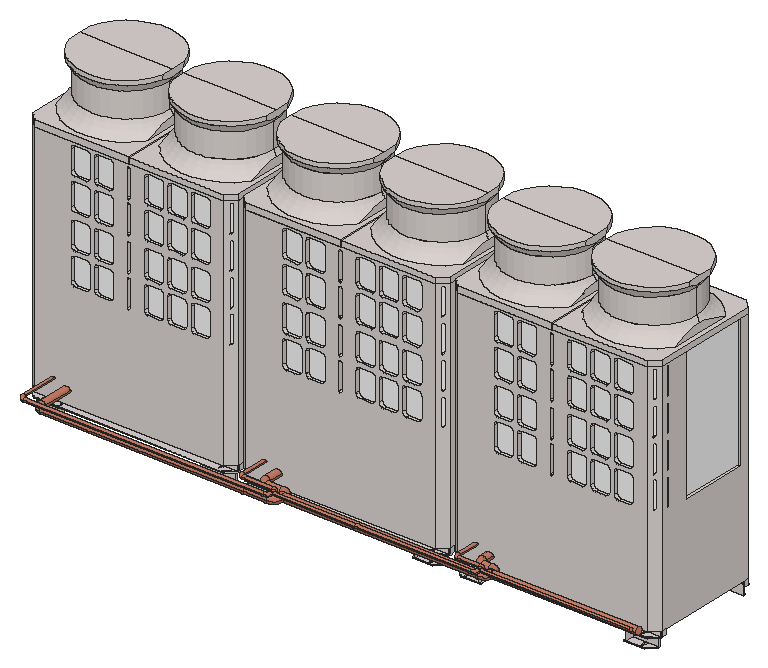
Revit family "PUHY-EP1250YSNW-A1", category 機械設備, Revit 2016
Family settings
  パーツ タイプ = 標準
  丸型コネクタ寸法 = 半径を使用
  OmniClass 番号 = 23.75.00.00
  OmniClass タイトル = Climate Control (HVAC)
  作業面に基づく = いいえ
  常に垂直 = はい
  ロード時にボイドで切り取り = いいえ
  共有 = いいえ
  部屋の計算ポイント = いいえ
Parameters (values of type "PUHY-EP1250YSNW-A1_380V_60Hz")
  Temp. range of cooling (Outdoor temp.) (D.B.) = "-5.0 to 52.0"
  Temp. range of cooling (Indoor temp.) (W.B.) = "15.0 to 24.0"
  Sound Pressure Level (dB(A)) Heating mode = 72
  Sound Pressure Level (dB(A)) Cooling mode = 70
  モデル = "PUHY-EP1250YSNW-A1"
  Width = 3780.000 mm
  WarrantyStart = ""
  Voltage = 380 V
  Unit Weight (kg) = 909
  URL = "http://www.mitsubishielectric.com/"
  Temp. range of heating (Outdoor temp.) (W.B.) = "-20.0 to 15.5"
  Temp. range of heating (Indoor temp.) (D.B.) = "15.0 to 27.0"
  TagNumber = 0
  Subcategory = "HVAC"
  Space View = yes
  SerialNumber = 0
  ReplacementYear = ""
  Refrigerant type = "R410A"
  Refrigerant Charge (kg) = 32.4
  Protection Devices_Inverter circuit (COMP./FAN) = "Over-current protection"
  Protection Devices_High pressure (MPa) = "High pressure sensor, High pressure switch at 4.15"
  Phase = 3
  製造元 = "Mitsubishi Electric Corporation"
  Outdoor unit 3 Breaker size (A) = 60
  Outdoor unit 3 = PUHY-EP400YNW-A1 : PUHY-EP400YNW-A1
  Outdoor unit 2 Breaker size (A) = 60
  Outdoor unit 2 = PUHY-EP400YNW-A1 : PUHY-EP400YNW-A1
  Outdoor unit 1 Breaker size (A) = 60
  Outdoor unit 1 = PUHY-EP450YNW-A1 : PUHY-EP450YNW-A1
  Note_1 = "Refrigerant pipe diameters may change depending on the installation condition. Please refer to the installation manual."
  Maximum Circuit Ampacity (A) = 90.1
  Liquid pipe_radius = 9.525 mm
  InstallationDate = ""
  Indoor Unit Total Capacity = "50 to 130% of outdoor unit capacity"
  Indoor Unit Model/Quantity = "P10 to P250/3 to 50"
  Hertz = 60 Hz
  Height = 1858.000 mm
  Heating SCOP (kW/kW) = 4.16
  Heating Rated Load Ampacity (A) = 65.5
  Heating Power Input (kW) = 38.83
  Heating Power Input (Nominal) (kW) = 32.4
  Heating Current Input (Nominal) (A) = 54.6
  Heating Current Input (A) = 65.5
  Heating Capacity (kW) = 156.5
  Heating Capacity (Nominal) (kW) = 140
  Heating COP (kW/kW) = 4.03
  Heating COP (Nominal) (kW/kW) = 4.32
  Gas pipe_radius = 20.640 mm
  Fan_Type = "Propeller Fan"
  Fan_Quantity = 6
  Fan Motor Output (kW) = 2.76
  External static pressure (Pa) = 0
  External Finish = "Pre-coated galvanized steel sheets (+powder coating for -BS type) <MUNSELL 3Y 7.8/1.1 or similar>"
  Equip_description = ""
  Equip_No. = 0
  Equip_ID = ""
  Description = ""
  Depth = 740.000 mm
  CreatedOn = ""
  CreatedBy = ""
  Cooling SEER (kW/kW) = 6.88
  Cooling Rated Load Ampacity (A) = 67.3
  Cooling Power Input (kW) = 39.88
  Cooling EER (kW/kW) = 3.51
  Cooling Current Input (A) = 67.3
  Cooling Capacity (kW) = 140
  Compressor_Type = "Inverter scroll hermetic compressor"
  Compressor_Quantity = 3
  Compressor_Lubricant = "MEL32"
  Compressor Motor Output (kW) = 30.7
  Category = ""
  Barcode = ""
  AssetIdentifier = ""
  Airflow Rate (m3/min) = 845
  Airflow Rate (m3/h) = 50700
Reference planes
  plane 1 "Center (Front/Back)": y = 0
  plane 2: z = 0
  plane 3 "Center (Left/Right)": x = 0
  plane 4: y = 370
  plane 5 "front": y = -370
  plane 6: x = -1890
  plane 7: x = 1890
  plane 8: x = -620
  plane 9: x = 620
  plane 10: x = -650
  plane 11: x = 650
  plane 12: y = 370
  plane 13: y = -370
  plane 14: z = 1858
  plane 15: x = -1647
  plane 16: x = -1730.603
  plane 17: x = -377
  plane 18: x = -460
  plane 19: x = 893
  plane 20: x = 810
Forms (mm)
  Sweep 1, solid, material "Copper"
    path origin (-51.563, 17.925, 207.255) x (0, -1, 0) y (1, 0, 0)
      loop
        line (380, -1679.039) -> (605, -1679.039)
        arc (605, -1679.039) -> (626.213, -1670.253) -> (635, -1649.039) r 30
        line (635, -1649.039) -> (635, -208.337)
        arc (635, -208.337) -> (629.142, -194.195) -> (615, -188.337) r 20
        line (615, -188.337) -> (590, -188.337)
        arc (590, -188.337) -> (575.858, -194.195) -> (570, -208.337) r 20
        line (570, -208.337) -> (570, -388.437)
        arc (570, -388.437) -> (564.142, -402.579) -> (550, -408.437) r 20
        line (550, -408.437) -> (380, -408.437)
    profile origin (-1730.603, -474.575, 207.255) x (1, 0, 0) y (0, 0, 1)
      loop
        circle (0, 0) r 9.525
  Sweep 2, solid, material "Copper"
    path origin (-48.859, 17.925, 173.255) x (-1, 0, 0) y (0, -1, 0)
      loop
        line (1598.141, 380) -> (1598.141, 575)
        arc (1598.141, 575) -> (1587.889, 599.749) -> (1563.141, 610) r 35
        line (1563.141, 610) -> (342, 610) -> (204.723, 610)
        arc (204.723, 610) -> (179.974, 599.749) -> (169.723, 575) r 35
        line (169.723, 575) -> (169.723, 545)
        arc (169.723, 545) -> (179.974, 520.251) -> (204.723, 510) r 35
        line (204.723, 510) -> (293.141, 510)
        arc (293.141, 510) -> (317.889, 499.749) -> (328.141, 475) r 35
        line (328.141, 475) -> (328.141, 380)
    profile origin (-1647, -459.575, 173.255) x (1, 0, 0) y (0, 0, 1)
      loop
        circle (0, 0) r 20.64
  Sweep 3, solid, material "Copper"
    path origin (214.685, 17.925, 207.255) x (0, -1, 0) y (1, 0, 0)
      loop
        line (605, -448.702) -> (605, 51.298) -> (605, 745.315)
        arc (605, 745.315) -> (599.142, 759.457) -> (585, 765.315) r 20
        line (585, 765.315) -> (560.96, 765.315)
        arc (560.96, 765.315) -> (546.818, 759.457) -> (540.96, 745.315) r 20
        line (540.96, 745.315) -> (540.96, 615.315)
        arc (540.96, 615.315) -> (535.102, 601.172) -> (520.96, 595.315) r 20
        line (520.96, 595.315) -> (380, 595.315)
    profile origin (15.984, -587.075, 207.255) x (0, 1, 0) y (0, 0, 1)
      loop
        circle (0, 0) r 9.525
  Sweep 4, solid, material "Copper"
    path origin (188.125, 17.925, 173.255) x (-1, 0, 0) y (0, -1, 0)
      loop
        line (395.125, 555.96) -> (-784.875, 555.96)
        arc (-784.875, 555.96) -> (-809.623, 545.709) -> (-819.875, 520.96) r 35
        line (-819.875, 520.96) -> (-819.875, 510)
        arc (-819.875, 510) -> (-809.623, 485.251) -> (-784.875, 475) r 35
        line (-784.875, 475) -> (-739.875, 475)
        arc (-739.875, 475) -> (-715.126, 464.749) -> (-704.875, 440) r 35
        line (-704.875, 440) -> (-704.875, 380)
    profile origin (383, -538.035, 173.255) x (0, 1, 0) y (0, 0, 1)
      loop
        circle (0, 0) r 20.64
  Sweep 5, solid, material "Copper"
    path origin (114.685, 17.925, 207.255) x (0, -1, 0) y (1, 0, 0)
      loop
        line (572.806, 870.315) -> (572.806, 1775.315)
    profile origin (1437.5, -554.881, 207.255) x (0, 1, 0) y (0, 0, 1)
      loop
        circle (0, 0) r 9.525
  Sweep 6, solid, material "Copper"
    path origin (88.125, 17.925, 173.255) x (-1, 0, 0) y (0, -1, 0)
      loop
        line (-921.875, 515.995) -> (-1801.875, 515.995)
    profile origin (1450, -498.07, 173.255) x (0, 1, 0) y (0, 0, 1)
      loop
        circle (0, 0) r 20.64
Dimensions and locks
  nested 2 to nested 1 = 30.000 mm
  nested 1 to nested 1 = 1240.000 mm
  nested 2 to nested 2 = 1240.000 mm
  plane 6 to plane 3 "Center (Left/Right)" to plane 7 = 1890.000 mm, 1890.000 mm
  "Liquid pipe_radius": radius of Sweep 5 sketch curve
  "Gas pipe_radius": radius of Sweep 6 sketch curve
  aligned and locked: level to plane 2
Automatic sketch dimensions
  Sweep 1 sketch curve to plane 5 "front" = 7.925 mm  (x2)
  plane 5 "front" to Sweep 1 sketch curve = 162.075 mm
  Sweep 1 sketch curve to plane 3 "Center (Left/Right)" = 259.900 mm
  Sweep 1 sketch curve to Sweep 1 sketch curve = 20.000 mm
  Sweep 1 sketch curve to plane 3 "Center (Left/Right)" = 239.900 mm
  plane 5 "front" to Sweep 1 sketch curve = 217.075 mm
  Sweep 1 sketch curve to Sweep 1 sketch curve = 25.000 mm
  Sweep 1 sketch curve to Sweep 1 sketch curve = 30.000 mm
  Sweep 1 sketch curve to plane 3 "Center (Left/Right)" = 440.000 mm
  profile plane to Sweep 1 sketch curve = 0.000 mm
  Sweep 1 sketch curve to profile plane = 0.000 mm
  Sweep 2 sketch curve to plane 3 "Center (Left/Right)" = 218.582 mm
  Sweep 2 sketch curve to plane 3 "Center (Left/Right)" = 253.582 mm  (x2)
  Sweep 2 sketch curve to plane 3 "Center (Left/Right)" = 342.000 mm
  Sweep 2 sketch curve to plane 3 "Center (Left/Right)" = 390.859 mm
  Sweep 2 sketch curve to Sweep 2 sketch curve = 35.000 mm  (x2)
  plane 5 "front" to Sweep 2 sketch curve = 222.075 mm
  Sweep 2 sketch curve to Sweep 2 sketch curve = 30.000 mm
  Sweep 2 sketch curve to plane 5 "front" = 7.925 mm  (x2)
  profile plane to Sweep 2 sketch curve = 0.000 mm
  Sweep 2 sketch curve to profile plane = 0.000 mm
  Sweep 3 sketch curve to profile plane = 0.000 mm  (x2)
  Sweep 4 sketch curve to profile plane = 0.000 mm  (x2)
  Sweep 1 sketch curve to Sweep 1 sketch curve = 1240.603 mm
  Sweep 2 sketch curve to Sweep 2 sketch curve = 1235.000 mm
  Sweep 3 sketch curve to plane 20 = 0.000 mm
  Sweep 3 sketch curve to plane 5 "front" = 7.925 mm
  plane 20 to Sweep 3 sketch curve = 20.000 mm
  plane 5 "front" to Sweep 3 sketch curve = 133.035 mm
  Sweep 3 sketch curve to Sweep 3 sketch curve = 20.000 mm
  Sweep 3 sketch curve to Sweep 3 sketch curve = 24.040 mm
  plane 5 "front" to Sweep 3 sketch curve = 217.075 mm
  plane 3 "Center (Left/Right)" to Sweep 3 sketch curve = 265.984 mm
  plane 17 to Sweep 3 sketch curve = 142.984 mm
  plane 19 to Sweep 3 sketch curve = 67.000 mm
  Sweep 4 sketch curve to plane 19 = 0.000 mm
  plane 19 to Sweep 4 sketch curve = 35.000 mm
  Sweep 4 sketch curve to Sweep 4 sketch curve = 45.000 mm
  Sweep 4 sketch curve to Sweep 4 sketch curve = 0.000 mm
  Sweep 4 sketch curve to Sweep 4 sketch curve = 35.000 mm
  plane 17 to Sweep 4 sketch curve = 170.000 mm
  Sweep 4 sketch curve to plane 5 "front" = 7.925 mm
  plane 5 "front" to Sweep 4 sketch curve = 52.075 mm
  Sweep 4 sketch curve to Sweep 4 sketch curve = 10.960 mm
  Sweep 6 sketch curve to plane 7 = 0.000 mm
  plane 19 to Sweep 6 sketch curve = 117.000 mm
  plane 5 "front" to Sweep 6 sketch curve = 128.070 mm
  Sweep 5 sketch curve to plane 7 = 0.000 mm
  plane 5 "front" to Sweep 5 sketch curve = 184.881 mm
  plane 19 to Sweep 5 sketch curve = 92.000 mm
  Sweep 5 sketch curve to profile plane = 0.000 mm  (x2)
  Sweep 6 sketch curve to profile plane = 0.000 mm  (x2)
  radius of Sweep 1 sketch curve = 9.525 mm
  radius of Sweep 2 sketch curve = 20.640 mm
  radius of Sweep 3 sketch curve = 9.525 mm
  radius of Sweep 4 sketch curve = 20.640 mm
Nested families
  nested 1: "PUHY-EP400YNW-A1" at (0, 0, 0), type <- "Outdoor unit 2", type "PUHY-EP400YNW-A1"
  nested 2: "PUHY-EP450YNW-A1" at (-1270, 0, 0), type <- "Outdoor unit 1", type "PUHY-EP450YNW-A1"
  nested 3: "PUHY-EP400YNW-A1" at (1270, 0, 0), type <- "Outdoor unit 3", type "PUHY-EP400YNW-A1"
Connectors
  piping at (1890, -498.07, 173.255), diameter 41.28, driven by "Gas pipe_radius"
    settings: on Sweep 6, index 1, connector inside diameter 41.28 mm, connector length 0.000 mm, flow factor 0, pipe flow 0.0 L/s, pressure drop 0.0 Pa, fitting loss kfactor 0, connector angle 0.00°, fixture units 0, engagement length 0.000 mm, angle of deflection 0.00°, flow configuration 0, flow direction 0, fitting loss method 0, system type 22, joint type 0, gender type 0, connector reference index -1, connector utility 0, adjustable connector no, is connector primary yes, connector description "Indoor unit-Twinning pipe(Gas)"
  piping at (1890, -554.881, 207.255), diameter 19.05, driven by "Liquid pipe_radius"
    settings: on Sweep 5, index 2, connector inside diameter 19.05 mm, connector length 0.000 mm, flow factor 0, pipe flow 0.0 L/s, pressure drop 0.0 Pa, fitting loss kfactor 0, connector angle 0.00°, fixture units 0, engagement length 0.000 mm, angle of deflection 0.00°, flow configuration 0, flow direction 0, fitting loss method 0, system type 22, joint type 0, gender type 0, connector reference index -1, connector utility 0, adjustable connector no, is connector primary no, connector description "Indoor unit-Twinning pipe(Liquid)"
  electrical at (992, -370, 279), driven by "Phase", driven by "Voltage"
    settings: index 3, voltage 380 V, apparent load 0 VA, apparent load phase1 0 VA, apparent load phase2 0 VA, apparent load phase3 0 VA, power factor 1, load classification "HVAC", number of poles 3, system type 30, power factor state 1, is connector primary yes, connector utility no, sub classification motor no, connector description ""
  electrical at (-258, -370, 279), driven by "Phase", driven by "Voltage"
    settings: index 4, voltage 380 V, apparent load 0 VA, apparent load phase1 0 VA, apparent load phase2 0 VA, apparent load phase3 0 VA, power factor 1, load classification "HVAC", number of poles 3, system type 30, power factor state 1, is connector primary no, connector utility no, sub classification motor no, connector description ""
  electrical at (-1508, -370, 279), driven by "Phase", driven by "Voltage"
    settings: index 5, voltage 380 V, apparent load 0 VA, apparent load phase1 0 VA, apparent load phase2 0 VA, apparent load phase3 0 VA, power factor 1, load classification "HVAC", number of poles 3, system type 30, power factor state 1, is connector primary no, connector utility no, sub classification motor no, connector description ""
Definition of nested family "PUHY-EP400YNW-A1"
  Parameters
    Model = "PUHY-P400YNW-A"
    URL = "http://www.mitsubishielectric.com/"
    Manufacturer = "Mitsubishi Electric Corporation"
    Liquid pipe_radius = 12.700 mm
    Gas pipe_radius = 14.290 mm
  Reference planes
    plane 1 "Center (Front/Back)": y = 0
    plane 2: z = 0
    plane 3 "Center (Left/Right)": x = 0
    plane 4: y = 370
    plane 5: z = 1858
    plane 6: y = -260
    plane 7: y = -204
    plane 8: y = -185
    plane 9: x = -620
    plane 10: x = 620
    plane 11: x = -620
    plane 12: z = 716
    plane 13: x = -524
    plane 14: z = 669
    plane 15: x = -50.5
    plane 16: x = 51
    plane 17: x = 489
    plane 18: x = 467
    plane 19 "132": x = 488
    plane 20 "100": z = 160
    plane 21: z = 185
    plane 22: x = 413
    plane 23: x = 364
    plane 24: z = 150
    plane 25: x = -287.25
    plane 26: x = -137.25
    plane 27: x = -272.25
    plane 28: y = -278
    plane 29: z = 1509
    plane 30: y = -370
    plane 31: x = -530
    plane 32: x = 530
    plane 33 "179": y = -191
  Forms (mm)
    Extrusion 1, solid
      sketch origin (-1, 0, 113) x (-1, 0, 0) y (0, -1, 0)
        loop
          line (569, -370) -> (619, -320) -> (619, 320) -> (569, 370) -> (-571, 370) -> (-621, 320) -> (-621, -320) -> (-571, -370) -> (569, -370)
      from -18 to 1408
    Extrusion 2, void
      sketch origin (524, -370, 113) x (1, 0, 0) y (0, 0, -1)
        loop
          arc (-60.8, -1393.5) -> (-42.557, -1385.943) -> (-35, -1367.7) r 25.8
          line (-35, -1367.7) -> (-35, -1248.5)
          arc (-35, -1248.5) -> (-42.557, -1230.257) -> (-60.8, -1222.7) r 25.8
          line (-60.8, -1222.7) -> (-126, -1222.7)
          arc (-126, -1222.7) -> (-144.243, -1230.257) -> (-151.8, -1248.5) r 25.8
          line (-151.8, -1248.5) -> (-151.8, -1367.7)
          arc (-151.8, -1367.7) -> (-144.243, -1385.943) -> (-126, -1393.5) r 25.8
          line (-126, -1393.5) -> (-60.8, -1393.5)
      from 0 to 20
    Extrusion 3, void
      sketch origin (524, -370, -81) x (1, 0, 0) y (0, 0, -1)
        loop
          arc (-60.8, -1393.5) -> (-42.557, -1385.943) -> (-35, -1367.7) r 25.8
          line (-35, -1367.7) -> (-35, -1248.5)
          arc (-35, -1248.5) -> (-42.557, -1230.257) -> (-60.8, -1222.7) r 25.8
          line (-60.8, -1222.7) -> (-126, -1222.7)
          arc (-126, -1222.7) -> (-144.243, -1230.257) -> (-151.8, -1248.5) r 25.8
          line (-151.8, -1248.5) -> (-151.8, -1367.7)
          arc (-151.8, -1367.7) -> (-144.243, -1385.943) -> (-126, -1393.5) r 25.8
          line (-126, -1393.5) -> (-60.8, -1393.5)
      from 0 to 20
    Extrusion 4, void
      sketch origin (524, -370, -287) x (1, 0, 0) y (0, 0, -1)
        loop
          arc (-60.8, -1393.5) -> (-42.557, -1385.943) -> (-35, -1367.7) r 25.8
          line (-35, -1367.7) -> (-35, -1248.5)
          arc (-35, -1248.5) -> (-42.557, -1230.257) -> (-60.8, -1222.7) r 25.8
          line (-60.8, -1222.7) -> (-126, -1222.7)
          arc (-126, -1222.7) -> (-144.243, -1230.257) -> (-151.8, -1248.5) r 25.8
          line (-151.8, -1248.5) -> (-151.8, -1367.7)
          arc (-151.8, -1367.7) -> (-144.243, -1385.943) -> (-126, -1393.5) r 25.8
          line (-126, -1393.5) -> (-60.8, -1393.5)
      from 0 to 20
    Extrusion 5, void
      sketch origin (524, -370, -481) x (1, 0, 0) y (0, 0, -1)
        loop
          arc (-60.8, -1393.5) -> (-42.557, -1385.943) -> (-35, -1367.7) r 25.8
          line (-35, -1367.7) -> (-35, -1248.5)
          arc (-35, -1248.5) -> (-42.557, -1230.257) -> (-60.8, -1222.7) r 25.8
          line (-60.8, -1222.7) -> (-126, -1222.7)
          arc (-126, -1222.7) -> (-144.243, -1230.257) -> (-151.8, -1248.5) r 25.8
          line (-151.8, -1248.5) -> (-151.8, -1367.7)
          arc (-151.8, -1367.7) -> (-144.243, -1385.943) -> (-126, -1393.5) r 25.8
          line (-126, -1393.5) -> (-60.8, -1393.5)
      from 0 to 20
    Extrusion 6, void
      sketch origin (384, -370, 113) x (1, 0, 0) y (0, 0, -1)
        loop
          arc (-60.8, -1393.5) -> (-42.557, -1385.943) -> (-35, -1367.7) r 25.8
          line (-35, -1367.7) -> (-35, -1248.5)
          arc (-35, -1248.5) -> (-42.557, -1230.257) -> (-60.8, -1222.7) r 25.8
          line (-60.8, -1222.7) -> (-126, -1222.7)
          arc (-126, -1222.7) -> (-144.243, -1230.257) -> (-151.8, -1248.5) r 25.8
          line (-151.8, -1248.5) -> (-151.8, -1367.7)
          arc (-151.8, -1367.7) -> (-144.243, -1385.943) -> (-126, -1393.5) r 25.8
          line (-126, -1393.5) -> (-60.8, -1393.5)
      from 0 to 20
    Extrusion 7, void
      sketch origin (384, -370, -81) x (1, 0, 0) y (0, 0, -1)
        loop
          arc (-60.8, -1393.5) -> (-42.557, -1385.943) -> (-35, -1367.7) r 25.8
          line (-35, -1367.7) -> (-35, -1248.5)
          arc (-35, -1248.5) -> (-42.557, -1230.257) -> (-60.8, -1222.7) r 25.8
          line (-60.8, -1222.7) -> (-126, -1222.7)
          arc (-126, -1222.7) -> (-144.243, -1230.257) -> (-151.8, -1248.5) r 25.8
          line (-151.8, -1248.5) -> (-151.8, -1367.7)
          arc (-151.8, -1367.7) -> (-144.243, -1385.943) -> (-126, -1393.5) r 25.8
          line (-126, -1393.5) -> (-60.8, -1393.5)
      from 0 to 20
    Extrusion 8, void
      sketch origin (384, -370, -287) x (1, 0, 0) y (0, 0, -1)
        loop
          arc (-60.8, -1393.5) -> (-42.557, -1385.943) -> (-35, -1367.7) r 25.8
          line (-35, -1367.7) -> (-35, -1248.5)
          arc (-35, -1248.5) -> (-42.557, -1230.257) -> (-60.8, -1222.7) r 25.8
          line (-60.8, -1222.7) -> (-126, -1222.7)
          arc (-126, -1222.7) -> (-144.243, -1230.257) -> (-151.8, -1248.5) r 25.8
          line (-151.8, -1248.5) -> (-151.8, -1367.7)
          arc (-151.8, -1367.7) -> (-144.243, -1385.943) -> (-126, -1393.5) r 25.8
          line (-126, -1393.5) -> (-60.8, -1393.5)
      from 0 to 20
    Extrusion 9, void
      sketch origin (384, -370, -481) x (1, 0, 0) y (0, 0, -1)
        loop
          arc (-60.8, -1393.5) -> (-42.557, -1385.943) -> (-35, -1367.7) r 25.8
          line (-35, -1367.7) -> (-35, -1248.5)
          arc (-35, -1248.5) -> (-42.557, -1230.257) -> (-60.8, -1222.7) r 25.8
          line (-60.8, -1222.7) -> (-126, -1222.7)
          arc (-126, -1222.7) -> (-144.243, -1230.257) -> (-151.8, -1248.5) r 25.8
          line (-151.8, -1248.5) -> (-151.8, -1367.7)
          arc (-151.8, -1367.7) -> (-144.243, -1385.943) -> (-126, -1393.5) r 25.8
          line (-126, -1393.5) -> (-60.8, -1393.5)
      from 0 to 20
    Extrusion 10, void
      sketch origin (244, -370, 113) x (1, 0, 0) y (0, 0, -1)
        loop
          arc (-60.8, -1393.5) -> (-42.557, -1385.943) -> (-35, -1367.7) r 25.8
          line (-35, -1367.7) -> (-35, -1248.5)
          arc (-35, -1248.5) -> (-42.557, -1230.257) -> (-60.8, -1222.7) r 25.8
          line (-60.8, -1222.7) -> (-126, -1222.7)
          arc (-126, -1222.7) -> (-144.243, -1230.257) -> (-151.8, -1248.5) r 25.8
          line (-151.8, -1248.5) -> (-151.8, -1367.7)
          arc (-151.8, -1367.7) -> (-144.243, -1385.943) -> (-126, -1393.5) r 25.8
          line (-126, -1393.5) -> (-60.8, -1393.5)
      from 0 to 20
    Extrusion 11, void
      sketch origin (244, -370, -81) x (1, 0, 0) y (0, 0, -1)
        loop
          arc (-60.8, -1393.5) -> (-42.557, -1385.943) -> (-35, -1367.7) r 25.8
          line (-35, -1367.7) -> (-35, -1248.5)
          arc (-35, -1248.5) -> (-42.557, -1230.257) -> (-60.8, -1222.7) r 25.8
          line (-60.8, -1222.7) -> (-126, -1222.7)
          arc (-126, -1222.7) -> (-144.243, -1230.257) -> (-151.8, -1248.5) r 25.8
          line (-151.8, -1248.5) -> (-151.8, -1367.7)
          arc (-151.8, -1367.7) -> (-144.243, -1385.943) -> (-126, -1393.5) r 25.8
          line (-126, -1393.5) -> (-60.8, -1393.5)
      from 0 to 20
    Extrusion 12, void
      sketch origin (244, -370, -287) x (1, 0, 0) y (0, 0, -1)
        loop
          arc (-60.8, -1393.5) -> (-42.557, -1385.943) -> (-35, -1367.7) r 25.8
          line (-35, -1367.7) -> (-35, -1248.5)
          arc (-35, -1248.5) -> (-42.557, -1230.257) -> (-60.8, -1222.7) r 25.8
          line (-60.8, -1222.7) -> (-126, -1222.7)
          arc (-126, -1222.7) -> (-144.243, -1230.257) -> (-151.8, -1248.5) r 25.8
          line (-151.8, -1248.5) -> (-151.8, -1367.7)
          arc (-151.8, -1367.7) -> (-144.243, -1385.943) -> (-126, -1393.5) r 25.8
          line (-126, -1393.5) -> (-60.8, -1393.5)
      from 0 to 20
    Extrusion 13, void
      sketch origin (244, -370, -481) x (1, 0, 0) y (0, 0, -1)
        loop
          arc (-60.8, -1393.5) -> (-42.557, -1385.943) -> (-35, -1367.7) r 25.8
          line (-35, -1367.7) -> (-35, -1248.5)
          arc (-35, -1248.5) -> (-42.557, -1230.257) -> (-60.8, -1222.7) r 25.8
          line (-60.8, -1222.7) -> (-126, -1222.7)
          arc (-126, -1222.7) -> (-144.243, -1230.257) -> (-151.8, -1248.5) r 25.8
          line (-151.8, -1248.5) -> (-151.8, -1367.7)
          arc (-151.8, -1367.7) -> (-144.243, -1385.943) -> (-126, -1393.5) r 25.8
          line (-126, -1393.5) -> (-60.8, -1393.5)
      from 0 to 20
    Extrusion 14, void
      sketch origin (-56, -370, 113) x (1, 0, 0) y (0, 0, -1)
        loop
          arc (-60.8, -1393.5) -> (-42.557, -1385.943) -> (-35, -1367.7) r 25.8
          line (-35, -1367.7) -> (-35, -1248.5)
          arc (-35, -1248.5) -> (-42.557, -1230.257) -> (-60.8, -1222.7) r 25.8
          line (-60.8, -1222.7) -> (-126, -1222.7)
          arc (-126, -1222.7) -> (-144.243, -1230.257) -> (-151.8, -1248.5) r 25.8
          line (-151.8, -1248.5) -> (-151.8, -1367.7)
          arc (-151.8, -1367.7) -> (-144.243, -1385.943) -> (-126, -1393.5) r 25.8
          line (-126, -1393.5) -> (-60.8, -1393.5)
      from 0 to 20
    Extrusion 15, void
      sketch origin (-56, -370, -81) x (1, 0, 0) y (0, 0, -1)
        loop
          arc (-60.8, -1393.5) -> (-42.557, -1385.943) -> (-35, -1367.7) r 25.8
          line (-35, -1367.7) -> (-35, -1248.5)
          arc (-35, -1248.5) -> (-42.557, -1230.257) -> (-60.8, -1222.7) r 25.8
          line (-60.8, -1222.7) -> (-126, -1222.7)
          arc (-126, -1222.7) -> (-144.243, -1230.257) -> (-151.8, -1248.5) r 25.8
          line (-151.8, -1248.5) -> (-151.8, -1367.7)
          arc (-151.8, -1367.7) -> (-144.243, -1385.943) -> (-126, -1393.5) r 25.8
          line (-126, -1393.5) -> (-60.8, -1393.5)
      from 0 to 20
    Extrusion 16, void
      sketch origin (-56, -370, -287) x (1, 0, 0) y (0, 0, -1)
        loop
          arc (-60.8, -1393.5) -> (-42.557, -1385.943) -> (-35, -1367.7) r 25.8
          line (-35, -1367.7) -> (-35, -1248.5)
          arc (-35, -1248.5) -> (-42.557, -1230.257) -> (-60.8, -1222.7) r 25.8
          line (-60.8, -1222.7) -> (-126, -1222.7)
          arc (-126, -1222.7) -> (-144.243, -1230.257) -> (-151.8, -1248.5) r 25.8
          line (-151.8, -1248.5) -> (-151.8, -1367.7)
          arc (-151.8, -1367.7) -> (-144.243, -1385.943) -> (-126, -1393.5) r 25.8
          line (-126, -1393.5) -> (-60.8, -1393.5)
      from 0 to 20
    Extrusion 17, void
      sketch origin (-56, -370, -481) x (1, 0, 0) y (0, 0, -1)
        loop
          arc (-60.8, -1393.5) -> (-42.557, -1385.943) -> (-35, -1367.7) r 25.8
          line (-35, -1367.7) -> (-35, -1248.5)
          arc (-35, -1248.5) -> (-42.557, -1230.257) -> (-60.8, -1222.7) r 25.8
          line (-60.8, -1222.7) -> (-126, -1222.7)
          arc (-126, -1222.7) -> (-144.243, -1230.257) -> (-151.8, -1248.5) r 25.8
          line (-151.8, -1248.5) -> (-151.8, -1367.7)
          arc (-151.8, -1367.7) -> (-144.243, -1385.943) -> (-126, -1393.5) r 25.8
          line (-126, -1393.5) -> (-60.8, -1393.5)
      from 0 to 20
    Extrusion 18, void
      sketch origin (-196, -370, 113) x (1, 0, 0) y (0, 0, -1)
        loop
          arc (-60.8, -1393.5) -> (-42.557, -1385.943) -> (-35, -1367.7) r 25.8
          line (-35, -1367.7) -> (-35, -1248.5)
          arc (-35, -1248.5) -> (-42.557, -1230.257) -> (-60.8, -1222.7) r 25.8
          line (-60.8, -1222.7) -> (-126, -1222.7)
          arc (-126, -1222.7) -> (-144.243, -1230.257) -> (-151.8, -1248.5) r 25.8
          line (-151.8, -1248.5) -> (-151.8, -1367.7)
          arc (-151.8, -1367.7) -> (-144.243, -1385.943) -> (-126, -1393.5) r 25.8
          line (-126, -1393.5) -> (-60.8, -1393.5)
      from 0 to 20
    Extrusion 19, void
      sketch origin (-196, -370, -81) x (1, 0, 0) y (0, 0, -1)
        loop
          arc (-60.8, -1393.5) -> (-42.557, -1385.943) -> (-35, -1367.7) r 25.8
          line (-35, -1367.7) -> (-35, -1248.5)
          arc (-35, -1248.5) -> (-42.557, -1230.257) -> (-60.8, -1222.7) r 25.8
          line (-60.8, -1222.7) -> (-126, -1222.7)
          arc (-126, -1222.7) -> (-144.243, -1230.257) -> (-151.8, -1248.5) r 25.8
          line (-151.8, -1248.5) -> (-151.8, -1367.7)
          arc (-151.8, -1367.7) -> (-144.243, -1385.943) -> (-126, -1393.5) r 25.8
          line (-126, -1393.5) -> (-60.8, -1393.5)
      from 0 to 20
    Extrusion 20, void
      sketch origin (-196, -370, -287) x (1, 0, 0) y (0, 0, -1)
        loop
          arc (-60.8, -1393.5) -> (-42.557, -1385.943) -> (-35, -1367.7) r 25.8
          line (-35, -1367.7) -> (-35, -1248.5)
          arc (-35, -1248.5) -> (-42.557, -1230.257) -> (-60.8, -1222.7) r 25.8
          line (-60.8, -1222.7) -> (-126, -1222.7)
          arc (-126, -1222.7) -> (-144.243, -1230.257) -> (-151.8, -1248.5) r 25.8
          line (-151.8, -1248.5) -> (-151.8, -1367.7)
          arc (-151.8, -1367.7) -> (-144.243, -1385.943) -> (-126, -1393.5) r 25.8
          line (-126, -1393.5) -> (-60.8, -1393.5)
      from 0 to 20
    Extrusion 21, void
      sketch origin (-196, -370, -481) x (1, 0, 0) y (0, 0, -1)
        loop
          arc (-60.8, -1393.5) -> (-42.557, -1385.943) -> (-35, -1367.7) r 25.8
          line (-35, -1367.7) -> (-35, -1248.5)
          arc (-35, -1248.5) -> (-42.557, -1230.257) -> (-60.8, -1222.7) r 25.8
          line (-60.8, -1222.7) -> (-126, -1222.7)
          arc (-126, -1222.7) -> (-144.243, -1230.257) -> (-151.8, -1248.5) r 25.8
          line (-151.8, -1248.5) -> (-151.8, -1367.7)
          arc (-151.8, -1367.7) -> (-144.243, -1385.943) -> (-126, -1393.5) r 25.8
          line (-126, -1393.5) -> (-60.8, -1393.5)
      from 0 to 20
    Extrusion 22, void
      sketch origin (620, 320, 113) x (0, 1, 0) y (0, 0, -1)
        loop
          line (-462.3, -1408) -> (-50.8, -1408) -> (-50.8, -612) -> (-462.3, -612) -> (-462.3, -1408)
      from 0 to 20
    Extrusion 23, void
      sketch origin (-620, -320, 113) x (0, -1, 0) y (0, 0, -1)
        loop
          line (-535.7, -1408) -> (-207.7, -1408) -> (-207.7, -592) -> (-535.7, -592) -> (-535.7, -1408)
      from 0 to 20
    Extrusion 24, void
      sketch origin (194.892, 370, 113) x (-1, 0, 0) y (0, 0, -1)
        loop
          arc (204.892, -1225.013) -> (194.892, -1215.013) -> (184.892, -1225.013) r 10
          line (184.892, -1225.013) -> (184.892, -1379.987)
          arc (184.892, -1379.987) -> (194.892, -1389.987) -> (204.892, -1379.987) r 10
          line (204.892, -1379.987) -> (204.892, -1225.013)
        loop
          arc (204.892, -1031.013) -> (194.892, -1021.013) -> (184.892, -1031.013) r 10
          line (184.892, -1031.013) -> (184.892, -1185.987)
          arc (184.892, -1185.987) -> (194.892, -1195.987) -> (204.892, -1185.987) r 10
          line (204.892, -1185.987) -> (204.892, -1031.013)
        loop
          arc (204.892, -825.013) -> (194.892, -815.013) -> (184.892, -825.013) r 10
          line (184.892, -825.013) -> (184.892, -979.987)
          arc (184.892, -979.987) -> (194.892, -989.987) -> (204.892, -979.987) r 10
          line (204.892, -979.987) -> (204.892, -825.013)
        loop
          arc (204.892, -631.013) -> (194.892, -621.013) -> (184.892, -631.013) r 10
          line (184.892, -631.013) -> (184.892, -785.987)
          arc (184.892, -785.987) -> (194.892, -795.987) -> (204.892, -785.987) r 10
          line (204.892, -785.987) -> (204.892, -631.013)
      from 0 to 20
    Extrusion 25, void
      sketch origin (-570, 370, 113) x (0.707107, 0.707107, 0) y (0, 0, 1)
        loop
          arc (-45.355, 1236) -> (-35.355, 1226) -> (-25.355, 1236) r 10
          line (-25.355, 1236) -> (-25.355, 1386)
          arc (-25.355, 1386) -> (-35.355, 1396) -> (-45.355, 1386) r 10
          line (-45.355, 1386) -> (-45.355, 1236)
        loop
          arc (-45.355, 1036) -> (-35.355, 1026) -> (-25.355, 1036) r 10
          line (-25.355, 1036) -> (-25.355, 1186)
          arc (-25.355, 1186) -> (-35.355, 1196) -> (-45.355, 1186) r 10
          line (-45.355, 1186) -> (-45.355, 1036)
        loop
          arc (-45.355, 836) -> (-35.355, 826) -> (-25.355, 836) r 10
          line (-25.355, 836) -> (-25.355, 986)
          arc (-25.355, 986) -> (-35.355, 996) -> (-45.355, 986) r 10
          line (-45.355, 986) -> (-45.355, 836)
        loop
          arc (-45.355, 641) -> (-35.355, 631) -> (-25.355, 641) r 10
          line (-25.355, 641) -> (-25.355, 791)
          arc (-25.355, 791) -> (-35.355, 801) -> (-45.355, 791) r 10
          line (-45.355, 791) -> (-45.355, 641)
      from 0 to 20
    Extrusion 26, void
      sketch origin (-620, -320, 113) x (0, -1, 0) y (0, 0, -1)
        loop
          line (-607.846, -1035.895) -> (-607.846, -1186.105)
          arc (-607.846, -1186.105) -> (-597.846, -1196.105) -> (-587.846, -1186.105) r 10
          line (-587.846, -1186.105) -> (-587.846, -1035.895)
          arc (-587.846, -1035.895) -> (-597.846, -1025.895) -> (-607.846, -1035.895) r 10
        loop
          line (-607.846, -835.895) -> (-607.846, -986.105)
          arc (-607.846, -986.105) -> (-597.846, -996.105) -> (-587.846, -986.105) r 10
          line (-587.846, -986.105) -> (-587.846, -835.895)
          arc (-587.846, -835.895) -> (-597.846, -825.895) -> (-607.846, -835.895) r 10
        loop
          line (-607.846, -1235.895) -> (-607.846, -1386.105)
          arc (-607.846, -1386.105) -> (-597.846, -1396.105) -> (-587.846, -1386.105) r 10
          line (-587.846, -1386.105) -> (-587.846, -1235.895)
          arc (-587.846, -1235.895) -> (-597.846, -1225.895) -> (-607.846, -1235.895) r 10
        loop
          line (-607.846, -635.895) -> (-607.846, -786.105)
          arc (-607.846, -786.105) -> (-597.846, -796.105) -> (-587.846, -786.105) r 10
          line (-587.846, -786.105) -> (-587.846, -635.895)
          arc (-587.846, -635.895) -> (-597.846, -625.895) -> (-607.846, -635.895) r 10
      from 0 to 20
    Extrusion 27, void
      sketch origin (1079, -370, 113) x (1, 0, 0) y (0, 0, -1)
        loop
          arc (-1089, -1379.975) -> (-1079, -1389.975) -> (-1069, -1379.975) r 10
          line (-1069, -1379.975) -> (-1069, -1225)
          arc (-1069, -1225) -> (-1079, -1215) -> (-1089, -1225) r 10
          line (-1089, -1225) -> (-1089, -1379.975)
        loop
          arc (-1089, -1185.975) -> (-1079, -1195.975) -> (-1069, -1185.975) r 10
          line (-1069, -1185.975) -> (-1069, -1031)
          arc (-1069, -1031) -> (-1079, -1021) -> (-1089, -1031) r 10
          line (-1089, -1031) -> (-1089, -1185.975)
        loop
          arc (-1089, -979.975) -> (-1079, -989.975) -> (-1069, -979.975) r 10
          line (-1069, -979.975) -> (-1069, -825)
          arc (-1069, -825) -> (-1079, -815) -> (-1089, -825) r 10
          line (-1089, -825) -> (-1089, -979.975)
        loop
          arc (-1089, -785.975) -> (-1079, -795.975) -> (-1069, -785.975) r 10
          line (-1069, -785.975) -> (-1069, -631)
          arc (-1069, -631) -> (-1079, -621) -> (-1089, -631) r 10
          line (-1089, -631) -> (-1089, -785.975)
      from 0 to 20
    Extrusion 28, void
      sketch origin (-571, 370, 113) x (-1, 0, 0) y (0, 0, -1)
        loop
          line (-519.5, -1408) -> (-48, -1408) -> (-48, -556) -> (-519.5, -556) -> (-519.5, -1408)
      from 0 to 20
    Extrusion 29, void
      sketch origin (-571, 370, 113) x (-1, 0, 0) y (0, 0, -1)
        loop
          line (-1038, -1408) -> (-622, -1408) -> (-622, -556) -> (-1038, -556) -> (-1038, -1408)
      from 0 to 20
    Extrusion 30, void
      sketch origin (620, 320, 113) x (0, 1, 0) y (0, 0, -1)
        loop
          arc (-588, -1035.791) -> (-598, -1025.791) -> (-608, -1035.791) r 10
          line (-608, -1035.791) -> (-608, -1186)
          arc (-608, -1186) -> (-598, -1196) -> (-588, -1186) r 10
          line (-588, -1186) -> (-588, -1035.791)
        loop
          arc (-588, -835.791) -> (-598, -825.791) -> (-608, -835.791) r 10
          line (-608, -835.791) -> (-608, -986)
          arc (-608, -986) -> (-598, -996) -> (-588, -986) r 10
          line (-588, -986) -> (-588, -835.791)
        loop
          arc (-588, -1235.791) -> (-598, -1225.791) -> (-608, -1235.791) r 10
          line (-608, -1235.791) -> (-608, -1386)
          arc (-608, -1386) -> (-598, -1396) -> (-588, -1386) r 10
          line (-588, -1386) -> (-588, -1235.791)
        loop
          arc (-588, -635.791) -> (-598, -625.791) -> (-608, -635.791) r 10
          line (-608, -635.791) -> (-608, -786)
          arc (-608, -786) -> (-598, -796) -> (-588, -786) r 10
          line (-588, -786) -> (-588, -635.791)
      from 0 to 20
    Extrusion 31, void
      sketch origin (1291.751, 351.751, 113) x (0.707107, 0.707107, 0) y (0, 0, -1)
        loop
          line (-995.311, -1236) -> (-995.311, -1386)
          arc (-995.311, -1386) -> (-985.311, -1396) -> (-975.311, -1386) r 10
          line (-975.311, -1386) -> (-975.311, -1236)
          arc (-975.311, -1236) -> (-985.311, -1226) -> (-995.311, -1236) r 10
        loop
          line (-995.311, -1036) -> (-995.311, -1186)
          arc (-995.311, -1186) -> (-985.311, -1196) -> (-975.311, -1186) r 10
          line (-975.311, -1186) -> (-975.311, -1036)
          arc (-975.311, -1036) -> (-985.311, -1026) -> (-995.311, -1036) r 10
        loop
          line (-995.311, -836) -> (-995.311, -986)
          arc (-995.311, -986) -> (-985.311, -996) -> (-975.311, -986) r 10
          line (-975.311, -986) -> (-975.311, -836)
          arc (-975.311, -836) -> (-985.311, -826) -> (-995.311, -836) r 10
        loop
          line (-995.311, -641) -> (-995.311, -791)
          arc (-995.311, -791) -> (-985.311, -801) -> (-975.311, -791) r 10
          line (-975.311, -791) -> (-975.311, -641)
          arc (-975.311, -641) -> (-985.311, -631) -> (-995.311, -641) r 10
      from 0 to 20
    Extrusion 32, void
      sketch origin (0, -191, 0) x (-1, 0, 0) y (0, 0, 1)
        loop
          circle (460, 176) r 6.35
      from 0 to 78.7
    Extrusion 33, void
      sketch origin (0, -191, 0) x (-1, 0, 0) y (0, 0, 1)
        loop
          circle (377, 176) r 14.29
      from 0 to 78.7
  Cuts and joins
    Extrusion 2, Extrusion 3, Extrusion 4, Extrusion 5, Extrusion 6, Extrusion 7, Extrusion 8, Extrusion 9, Extrusion 10, Extrusion 11, Extrusion 12, Extrusion 13, Extrusion 14, Extrusion 15, Extrusion 16, Extrusion 17, Extrusion 18, Extrusion 19, Extrusion 20, Extrusion 21, Extrusion 22, Extrusion 23, Extrusion 24, Extrusion 25, Extrusion 26, Extrusion 27, Extrusion 28, Extrusion 29, Extrusion 30, Extrusion 31, Extrusion 32, Extrusion 33 cuts Extrusion 1
  Lines and regions (mm)
    model lines
      curve 1: line (-351, -291, 95) -> (-481, -291, 95)
      curve 2: line (-342, -206, 95) -> (-342, -282, 95)
      curve 3: line (-481, -197, 95) -> (-351, -197, 95)
      curve 4: line (-492, -280, 95) -> (-492, -208, 95)
      curve 5: arc (-492, -280, 95) -> (-488.778, -287.778, 95) -> (-481, -291, 95) r 11
      curve 6: arc (-351, -291, 95) -> (-344.636, -288.364, 95) -> (-342, -282, 95) r 9
      curve 7: arc (-342, -206, 95) -> (-344.636, -199.636, 95) -> (-351, -197, 95) r 9
      curve 8: arc (-481, -197, 95) -> (-488.778, -200.222, 95) -> (-492, -208, 95) r 11
      curve 9: line (-30, -370, 1521) -> (-30, -370, 95)
      curve 10: line (30, -370, 1521) -> (30, -370, 95)
      curve 11: line (-485, -370, 215) -> (-357, -370, 215)
      curve 12: line (-495, -370, 141) -> (-495, -370, 205)
      curve 13: line (-357, -370, 131) -> (-485, -370, 131)
      curve 14: line (-347, -370, 205) -> (-347, -370, 141)
      curve 15: arc (-485, -370, 215) -> (-492.071, -370, 212.071) -> (-495, -370, 205) r 10
      curve 16: arc (-495, -370, 141) -> (-492.071, -370, 133.929) -> (-485, -370, 131) r 10
      curve 17: arc (-357, -370, 131) -> (-349.929, -370, 133.929) -> (-347, -370, 141) r 10
      curve 18: arc (-347, -370, 205) -> (-349.929, -370, 212.071) -> (-357, -370, 215) r 10
      curve 19: line (-405, -370, 1521) -> (-405, -370, 716)
      curve 20: line (620, -162.3, 1521) -> (620, -162.3, 95)
      curve 21: line (620, 289.2, 1521) -> (620, 289.2, 95)
      curve 22: line (620, -162.3, 705) -> (620, 289.2, 705)
      curve 23: line (620, -162.3, 725) -> (620, 289.2, 725)
      curve 24: line (620, -76.8, 583) -> (620, 203.2, 583)
      curve 25: line (620, 203.2, 563) -> (620, -76.8, 563)
      curve 26: arc (620, -76.8, 583) -> (620, -83.871, 580.071) -> (620, -86.8, 573) r 10
      curve 27: arc (620, -76.8, 563) -> (620, -83.871, 565.929) -> (620, -86.8, 573) r 10
      curve 28: arc (620, 203.2, 583) -> (620, 210.271, 580.071) -> (620, 213.2, 573) r 10
      curve 29: arc (620, 203.2, 563) -> (620, 210.271, 565.929) -> (620, 213.2, 573) r 10
      curve 30: line (620, -76.8, 478) -> (620, 203.2, 478)
      curve 31: line (620, 203.2, 458) -> (620, -76.8, 458)
      curve 32: arc (620, -76.8, 478) -> (620, -83.871, 475.071) -> (620, -86.8, 468) r 10
      curve 33: arc (620, -76.8, 458) -> (620, -83.871, 460.929) -> (620, -86.8, 468) r 10
      curve 34: arc (620, 203.2, 478) -> (620, 210.271, 475.071) -> (620, 213.2, 468) r 10
      curve 35: arc (620, 203.2, 458) -> (620, 210.271, 460.929) -> (620, 213.2, 468) r 10
      curve 36: line (620, -76.8, 373) -> (620, 203.2, 373)
      curve 37: line (620, 203.2, 353) -> (620, -76.8, 353)
      curve 38: arc (620, -76.8, 373) -> (620, -83.871, 370.071) -> (620, -86.8, 363) r 10
      curve 39: arc (620, -76.8, 353) -> (620, -83.871, 355.929) -> (620, -86.8, 363) r 10
      curve 40: arc (620, 203.2, 373) -> (620, 210.271, 370.071) -> (620, 213.2, 363) r 10
      curve 41: arc (620, 203.2, 353) -> (620, 210.271, 355.929) -> (620, 213.2, 363) r 10
      curve 42: line (620, -76.8, 268) -> (620, 203.2, 268)
      curve 43: line (620, 203.2, 248) -> (620, -76.8, 248)
      curve 44: arc (620, -76.8, 268) -> (620, -83.871, 265.071) -> (620, -86.8, 258) r 10
      curve 45: arc (620, -76.8, 248) -> (620, -83.871, 250.929) -> (620, -86.8, 258) r 10
      curve 46: arc (620, 203.2, 268) -> (620, 210.271, 265.071) -> (620, 213.2, 258) r 10
      curve 47: arc (620, 203.2, 248) -> (620, 210.271, 250.929) -> (620, 213.2, 258) r 10
      curve 48: line (-620, -162.3, 1521) -> (-620, -162.3, 95)
      curve 49: line (-620, 235.7, 1521) -> (-620, 235.7, 95)
      curve 50: line (-620, -112.3, 1521) -> (-620, -112.3, 705)
      curve 51: line (-620, 215.7, 1521) -> (-620, 215.7, 705)
      curve 52: line (-620, 235.7, 705) -> (-620, -162.3, 705)
      curve 53: line (-620, 176.7, 268) -> (-620, -103.3, 268)
      curve 54: line (-620, -103.3, 248) -> (-620, 176.7, 248)
      curve 55: arc (-620, 186.7, 258) -> (-620, 183.771, 265.071) -> (-620, 176.7, 268) r 10
      curve 56: arc (-620, 176.7, 248) -> (-620, 183.771, 250.929) -> (-620, 186.7, 258) r 10
      curve 57: arc (-620, -103.3, 268) -> (-620, -110.371, 265.071) -> (-620, -113.3, 258) r 10
      curve 58: arc (-620, -113.3, 258) -> (-620, -110.371, 250.929) -> (-620, -103.3, 248) r 10
      curve 59: line (-620, 176.7, 373) -> (-620, -103.3, 373)
      curve 60: line (-620, -103.3, 353) -> (-620, 176.7, 353)
      curve 61: arc (-620, 186.7, 363) -> (-620, 183.771, 370.071) -> (-620, 176.7, 373) r 10
      curve 62: arc (-620, 176.7, 353) -> (-620, 183.771, 355.929) -> (-620, 186.7, 363) r 10
      curve 63: arc (-620, -103.3, 373) -> (-620, -110.371, 370.071) -> (-620, -113.3, 363) r 10
      curve 64: arc (-620, -113.3, 363) -> (-620, -110.371, 355.929) -> (-620, -103.3, 353) r 10
      curve 65: line (-620, 176.7, 478) -> (-620, -103.3, 478)
      curve 66: line (-620, -103.3, 458) -> (-620, 176.7, 458)
      curve 67: arc (-620, 186.7, 468) -> (-620, 183.771, 475.071) -> (-620, 176.7, 478) r 10
      curve 68: arc (-620, 176.7, 458) -> (-620, 183.771, 460.929) -> (-620, 186.7, 468) r 10
      curve 69: arc (-620, -103.3, 478) -> (-620, -110.371, 475.071) -> (-620, -113.3, 468) r 10
      curve 70: arc (-620, -113.3, 468) -> (-620, -110.371, 460.929) -> (-620, -103.3, 458) r 10
      curve 71: line (-620, 176.7, 583) -> (-620, -103.3, 583)
      curve 72: line (-620, -103.3, 563) -> (-620, 176.7, 563)
      curve 73: arc (-620, 186.7, 573) -> (-620, 183.771, 580.071) -> (-620, 176.7, 583) r 10
      curve 74: arc (-620, 176.7, 563) -> (-620, 183.771, 565.929) -> (-620, 186.7, 573) r 10
      curve 75: arc (-620, -103.3, 583) -> (-620, -110.371, 580.071) -> (-620, -113.3, 573) r 10
      curve 76: arc (-620, -113.3, 573) -> (-620, -110.371, 565.929) -> (-620, -103.3, 563) r 10
      curve 77: line (-544, 370, 1521) -> (-544, 370, 95)
      curve 78: line (489, 370, 649) -> (30, 370, 649)
      curve 79: line (-30.5, 370, 649) -> (-544, 370, 649)
      curve 80: line (-147.25, 370, 584) -> (-427.25, 370, 584)
      curve 81: line (-427.25, 370, 564) -> (-147.25, 370, 564)
      curve 82: arc (-137.25, 370, 574) -> (-140.179, 370, 581.071) -> (-147.25, 370, 584) r 10
      curve 83: arc (-147.25, 370, 564) -> (-140.179, 370, 566.929) -> (-137.25, 370, 574) r 10
      curve 84: arc (-427.25, 370, 584) -> (-434.321, 370, 581.071) -> (-437.25, 370, 574) r 10
      curve 85: arc (-437.25, 370, 574) -> (-434.321, 370, 566.929) -> (-427.25, 370, 564) r 10
      curve 86: circle (448, -185, 1521) r 15 normal (0, 0, 1)
      curve 87: circle (468, -185, 95) r 26 normal (0, 0, 1)
      curve 88: circle (448, -260, 95) r 32.5 normal (0, 0, 1)
      curve 89: circle (404, -204, 95) r 17 normal (0, 0, 1)
      curve 90: line (-550, -370, 1521) -> (-550, -370, 95)
      curve 91: line (-550, -370, 716) -> (-30, -370, 716)
      curve 92: line (550, -370, 95) -> (550, -370, 1521)
      curve 93: line (30, -370, 716) -> (550, -370, 716)
      curve 94: line (-30.5, 370, 1521) -> (-30.5, 370, 95)
      curve 95: line (30, 370, 1521) -> (30, 370, 95)
      curve 96: line (489, 370, 1521) -> (489, 370, 95)
      curve 97: line (467, 370, 669) -> (467, 370, 649)
      curve 98: line (-352, -370, 223) -> (-550, -370, 223)
      curve 99: line (-342, -370, 213) -> (-342, -370, 95)
      curve 100: arc (-342, -370, 213) -> (-344.929, -370, 220.071) -> (-352, -370, 223) r 10
      curve 101: circle (488, -370, 160) r 32.5 normal (0, -1, 0)
      curve 102: circle (488, -370, 160) r 20 normal (0, -1, 0)
      curve 103: circle (364, -370, 150) r 17 normal (0, -1, 0)
      curve 104: circle (413, -370, 185) r 26 normal (0, -1, 0)
      curve 105: circle (413, -370, 185) r 13.5 normal (0, -1, 0)
      curve 106: line (352, -370, 223) -> (550, -370, 223)
      curve 107: line (342, -370, 213) -> (342, -370, 95)
      curve 108: arc (342, -370, 213) -> (344.929, -370, 220.071) -> (352, -370, 223) r 10
      curve 109: line (-147.25, 370, 479) -> (-427.25, 370, 479)
      curve 110: line (-427.25, 370, 459) -> (-147.25, 370, 459)
      curve 111: arc (-137.25, 370, 469) -> (-140.179, 370, 476.071) -> (-147.25, 370, 479) r 10
      curve 112: arc (-147.25, 370, 459) -> (-140.179, 370, 461.929) -> (-137.25, 370, 469) r 10
      curve 113: arc (-427.25, 370, 479) -> (-434.321, 370, 476.071) -> (-437.25, 370, 469) r 10
      curve 114: arc (-437.25, 370, 469) -> (-434.321, 370, 461.929) -> (-427.25, 370, 459) r 10
      curve 115: line (-147.25, 370, 374) -> (-427.25, 370, 374)
      curve 116: line (-427.25, 370, 354) -> (-147.25, 370, 354)
      curve 117: arc (-137.25, 370, 364) -> (-140.179, 370, 371.071) -> (-147.25, 370, 374) r 10
      curve 118: arc (-147.25, 370, 354) -> (-140.179, 370, 356.929) -> (-137.25, 370, 364) r 10
      curve 119: arc (-427.25, 370, 374) -> (-434.321, 370, 371.071) -> (-437.25, 370, 364) r 10
      curve 120: arc (-437.25, 370, 364) -> (-434.321, 370, 356.929) -> (-427.25, 370, 354) r 10
      curve 121: line (-147.25, 370, 269) -> (-427.25, 370, 269)
      curve 122: line (-427.25, 370, 249) -> (-147.25, 370, 249)
      curve 123: arc (-137.25, 370, 259) -> (-140.179, 370, 266.071) -> (-147.25, 370, 269) r 10
      curve 124: arc (-147.25, 370, 249) -> (-140.179, 370, 251.929) -> (-137.25, 370, 259) r 10
      curve 125: arc (-427.25, 370, 269) -> (-434.321, 370, 266.071) -> (-437.25, 370, 259) r 10
      curve 126: arc (-437.25, 370, 259) -> (-434.321, 370, 251.929) -> (-427.25, 370, 249) r 10
      curve 127: line (399.5, 370, 584) -> (119.5, 370, 584)
      curve 128: line (119.5, 370, 564) -> (399.5, 370, 564)
      curve 129: arc (409.5, 370, 574) -> (406.571, 370, 581.071) -> (399.5, 370, 584) r 10
      curve 130: arc (399.5, 370, 564) -> (406.571, 370, 566.929) -> (409.5, 370, 574) r 10
      curve 131: arc (119.5, 370, 584) -> (112.429, 370, 581.071) -> (109.5, 370, 574) r 10
      curve 132: arc (109.5, 370, 574) -> (112.429, 370, 566.929) -> (119.5, 370, 564) r 10
      curve 133: line (399.5, 370, 479) -> (119.5, 370, 479)
      curve 134: line (119.5, 370, 459) -> (399.5, 370, 459)
      curve 135: arc (409.5, 370, 469) -> (406.571, 370, 476.071) -> (399.5, 370, 479) r 10
      curve 136: arc (399.5, 370, 459) -> (406.571, 370, 461.929) -> (409.5, 370, 469) r 10
      curve 137: arc (119.5, 370, 479) -> (112.429, 370, 476.071) -> (109.5, 370, 469) r 10
      curve 138: arc (109.5, 370, 469) -> (112.429, 370, 461.929) -> (119.5, 370, 459) r 10
      curve 139: line (399.5, 370, 374) -> (119.5, 370, 374)
      curve 140: line (119.5, 370, 354) -> (399.5, 370, 354)
      curve 141: arc (409.5, 370, 364) -> (406.571, 370, 371.071) -> (399.5, 370, 374) r 10
      curve 142: arc (399.5, 370, 354) -> (406.571, 370, 356.929) -> (409.5, 370, 364) r 10
      curve 143: arc (119.5, 370, 374) -> (112.429, 370, 371.071) -> (109.5, 370, 364) r 10
      curve 144: arc (109.5, 370, 364) -> (112.429, 370, 356.929) -> (119.5, 370, 354) r 10
      curve 145: line (399.5, 370, 269) -> (119.5, 370, 269)
      curve 146: line (119.5, 370, 249) -> (399.5, 370, 249)
      curve 147: arc (409.5, 370, 259) -> (406.571, 370, 266.071) -> (399.5, 370, 269) r 10
      curve 148: arc (399.5, 370, 249) -> (406.571, 370, 251.929) -> (409.5, 370, 259) r 10
      curve 149: arc (119.5, 370, 269) -> (112.429, 370, 266.071) -> (109.5, 370, 259) r 10
      curve 150: arc (109.5, 370, 259) -> (112.429, 370, 251.929) -> (119.5, 370, 249) r 10
      curve 151: line (399.5, -370, 584) -> (119.5, -370, 584)
      curve 152: line (119.5, -370, 564) -> (399.5, -370, 564)
      curve 153: arc (409.5, -370, 574) -> (406.571, -370, 581.071) -> (399.5, -370, 584) r 10
      curve 154: arc (399.5, -370, 564) -> (406.571, -370, 566.929) -> (409.5, -370, 574) r 10
      curve 155: arc (119.5, -370, 584) -> (112.429, -370, 581.071) -> (109.5, -370, 574) r 10
      curve 156: arc (109.5, -370, 574) -> (112.429, -370, 566.929) -> (119.5, -370, 564) r 10
      curve 157: line (399.5, -370, 479) -> (119.5, -370, 479)
      curve 158: line (119.5, -370, 459) -> (399.5, -370, 459)
      curve 159: arc (409.5, -370, 469) -> (406.571, -370, 476.071) -> (399.5, -370, 479) r 10
      curve 160: arc (399.5, -370, 459) -> (406.571, -370, 461.929) -> (409.5, -370, 469) r 10
      curve 161: arc (119.5, -370, 479) -> (112.429, -370, 476.071) -> (109.5, -370, 469) r 10
      curve 162: arc (109.5, -370, 469) -> (112.429, -370, 461.929) -> (119.5, -370, 459) r 10
      curve 163: line (399.5, -370, 374) -> (119.5, -370, 374)
      curve 164: line (119.5, -370, 354) -> (399.5, -370, 354)
      curve 165: arc (409.5, -370, 364) -> (406.571, -370, 371.071) -> (399.5, -370, 374) r 10
      curve 166: arc (399.5, -370, 354) -> (406.571, -370, 356.929) -> (409.5, -370, 364) r 10
      curve 167: arc (119.5, -370, 374) -> (112.429, -370, 371.071) -> (109.5, -370, 364) r 10
      curve 168: arc (109.5, -370, 364) -> (112.429, -370, 356.929) -> (119.5, -370, 354) r 10
      curve 169: arc (119.5, -370, 269) -> (112.429, -370, 266.071) -> (109.5, -370, 259) r 10
      curve 170: arc (109.5, -370, 259) -> (112.429, -370, 251.929) -> (119.5, -370, 249) r 10
      curve 171: line (-147.25, -370, 584) -> (-427.25, -370, 584)
      curve 172: line (-427.25, -370, 564) -> (-147.25, -370, 564)
      curve 173: arc (-137.25, -370, 574) -> (-140.179, -370, 581.071) -> (-147.25, -370, 584) r 10
      curve 174: arc (-147.25, -370, 564) -> (-140.179, -370, 566.929) -> (-137.25, -370, 574) r 10
      curve 175: arc (-427.25, -370, 584) -> (-434.321, -370, 581.071) -> (-437.25, -370, 574) r 10
      curve 176: arc (-437.25, -370, 574) -> (-434.321, -370, 566.929) -> (-427.25, -370, 564) r 10
      curve 177: line (-147.25, -370, 479) -> (-427.25, -370, 479)
      curve 178: line (-427.25, -370, 459) -> (-147.25, -370, 459)
      curve 179: arc (-137.25, -370, 469) -> (-140.179, -370, 476.071) -> (-147.25, -370, 479) r 10
      curve 180: arc (-147.25, -370, 459) -> (-140.179, -370, 461.929) -> (-137.25, -370, 469) r 10
      curve 181: arc (-427.25, -370, 479) -> (-434.321, -370, 476.071) -> (-437.25, -370, 469) r 10
      curve 182: arc (-437.25, -370, 469) -> (-434.321, -370, 461.929) -> (-427.25, -370, 459) r 10
      curve 183: line (-147.25, -370, 374) -> (-427.25, -370, 374)
      curve 184: line (-427.25, -370, 354) -> (-147.25, -370, 354)
      curve 185: arc (-137.25, -370, 364) -> (-140.179, -370, 371.071) -> (-147.25, -370, 374) r 10
      curve 186: arc (-147.25, -370, 354) -> (-140.179, -370, 356.929) -> (-137.25, -370, 364) r 10
      curve 187: arc (-427.25, -370, 374) -> (-434.321, -370, 371.071) -> (-437.25, -370, 364) r 10
      curve 188: arc (-437.25, -370, 364) -> (-434.321, -370, 356.929) -> (-427.25, -370, 354) r 10
      curve 189: line (-147.25, -370, 269) -> (-262.25, -370, 269)
      curve 190: line (-262.25, -370, 249) -> (-147.25, -370, 249)
      curve 191: arc (-137.25, -370, 259) -> (-140.179, -370, 266.071) -> (-147.25, -370, 269) r 10
      curve 192: arc (-147.25, -370, 249) -> (-140.179, -370, 251.929) -> (-137.25, -370, 259) r 10
      curve 193: arc (-262.25, -370, 269) -> (-269.321, -370, 266.071) -> (-272.25, -370, 259) r 10
      curve 194: arc (-272.25, -370, 259) -> (-269.321, -370, 251.929) -> (-262.25, -370, 249) r 10
      curve 195: line (234.5, -370, 269) -> (119.5, -370, 269)
      curve 196: line (119.5, -370, 249) -> (234.5, -370, 249)
      curve 197: arc (244.5, -370, 259) -> (241.571, -370, 266.071) -> (234.5, -370, 269) r 10
      curve 198: arc (234.5, -370, 249) -> (241.571, -370, 251.929) -> (244.5, -370, 259) r 10
  Dimensions and locks
    nested 2 to nested 2 = 303.000 mm
    cut or joined group 1 (Extrusion 1, Extrusion 2, Extrusion 3, Extrusion 4, Extrusion 5, Extrusion 6, Extrusion 7, Extrusion 8, Extrusion 9, Extrusion 10, Extrusion 11, Extrusion 12, Extrusion 13, Extrusion 14, Extrusion 15, Extrusion 16, Extrusion 17, Extrusion 18, Extrusion 19, Extrusion 20, Extrusion 21, Extrusion 22, Extrusion 23, Extrusion 24, Extrusion 25, Extrusion 26, Extrusion 27, Extrusion 28, Extrusion 29, Extrusion 30, Extrusion 31, Extrusion 32, Extrusion 33) to cut or joined group 1 = 1240.000 mm
    Extrusion 2 sketch curve to Extrusion 2 sketch curve = 116.800 mm
    Extrusion 2 sketch curve to Extrusion 2 sketch curve = 170.800 mm
    Extrusion 3 sketch curve to Extrusion 3 sketch curve = 116.800 mm
    Extrusion 3 sketch curve to Extrusion 3 sketch curve = 170.800 mm
    Extrusion 4 sketch curve to Extrusion 4 sketch curve = 116.800 mm
    Extrusion 4 sketch curve to Extrusion 4 sketch curve = 170.800 mm
    Extrusion 5 sketch curve to Extrusion 5 sketch curve = 116.800 mm
    Extrusion 5 sketch curve to Extrusion 5 sketch curve = 170.800 mm
    Extrusion 6 sketch curve to Extrusion 6 sketch curve = 116.800 mm
    Extrusion 6 sketch curve to Extrusion 6 sketch curve = 170.800 mm
    Extrusion 7 sketch curve to Extrusion 7 sketch curve = 116.800 mm
    Extrusion 7 sketch curve to Extrusion 7 sketch curve = 170.800 mm
    Extrusion 8 sketch curve to Extrusion 8 sketch curve = 116.800 mm
    Extrusion 8 sketch curve to Extrusion 8 sketch curve = 170.800 mm
    Extrusion 9 sketch curve to Extrusion 9 sketch curve = 116.800 mm
    Extrusion 9 sketch curve to Extrusion 9 sketch curve = 170.800 mm
    cut or joined group 1 to cut or joined group 1 = 50.000 mm  (x2)
    Extrusion 10 sketch curve to Extrusion 10 sketch curve = 116.800 mm
    Extrusion 10 sketch curve to Extrusion 10 sketch curve = 170.800 mm
    Extrusion 11 sketch curve to Extrusion 11 sketch curve = 116.800 mm
    Extrusion 11 sketch curve to Extrusion 11 sketch curve = 170.800 mm
    Extrusion 12 sketch curve to Extrusion 12 sketch curve = 116.800 mm
    Extrusion 12 sketch curve to Extrusion 12 sketch curve = 170.800 mm
    Extrusion 13 sketch curve to Extrusion 13 sketch curve = 116.800 mm
    Extrusion 13 sketch curve to Extrusion 13 sketch curve = 170.800 mm
    Extrusion 14 sketch curve to Extrusion 14 sketch curve = 116.800 mm
    Extrusion 14 sketch curve to Extrusion 14 sketch curve = 170.800 mm
    Extrusion 15 sketch curve to Extrusion 15 sketch curve = 116.800 mm
    Extrusion 15 sketch curve to Extrusion 15 sketch curve = 170.800 mm
    Extrusion 16 sketch curve to Extrusion 16 sketch curve = 116.800 mm
    Extrusion 16 sketch curve to Extrusion 16 sketch curve = 170.800 mm
    Extrusion 17 sketch curve to Extrusion 17 sketch curve = 116.800 mm
    Extrusion 17 sketch curve to Extrusion 17 sketch curve = 170.800 mm
    Extrusion 18 sketch curve to Extrusion 18 sketch curve = 116.800 mm
    Extrusion 18 sketch curve to Extrusion 18 sketch curve = 170.800 mm
    Extrusion 19 sketch curve to Extrusion 19 sketch curve = 116.800 mm
